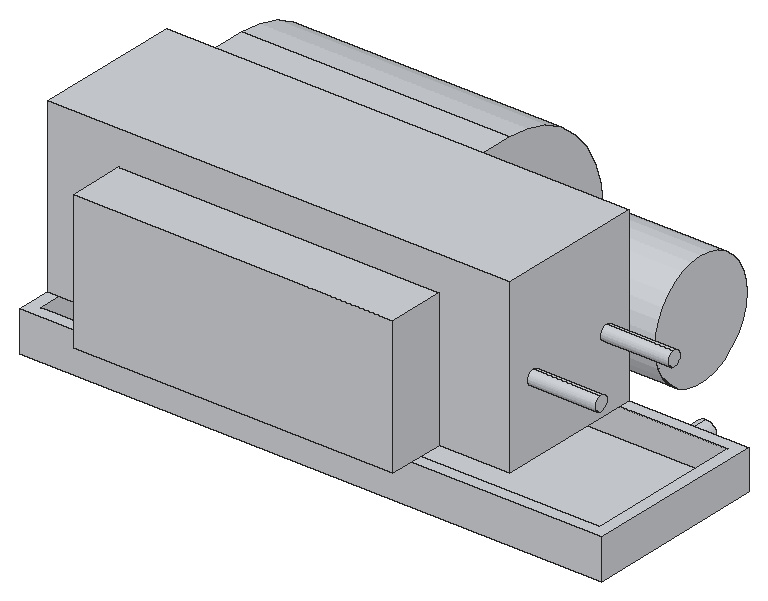
Revit family "8c5de32405d9410481c21845007ce248", category Mechanical Equipment, Revit 2021
Family settings
  Round Connector Dimension = Use Radius
  Part Type = Normal
  OmniClass Number = 23.75.70.17.27
  OmniClass Title = Fan Coil Units
  Seek Item ID = Fan Coil Unit - Horizontal Basic Concealed-0000-USA-ENU
  Work Plane-Based = No
  Always vertical = Yes
  Cut with Voids When Loaded = No
  Shared = No
  Room Calculation Point = No
Parameters (values of type "200 CFM")
  Voltage = 115 V
  Unit Width = 1' - 8 1/4"
  Unit Height = 0' - 7 1/2"
  Unit Depth = 0' - 6 1/2"
  Total Height = 0' - 10 1/2"
  Total Depth = 1' - 5 1/2"
  Supply Air Width = 1' - 2"
  Supply Air Height = 0' - 6"
  Number of Poles = 1
  Motor Width = 0' - 7"
  Model = "02"
  Manufacturer = ""
  Load Classification = Cooling
  HalfMotorWidth = Motor Width / 2  # 0' - 3 1/2"
  Fan Housing Width = Unit Width - Motor Width - 0' 1 1/2" - Additional Fan Width  # 0' - 11 3/4"
  Fan Housing Offset = 0' 0 1/2" + Additional Fan Width  # 0' - 0 1/2"
  Drain Radius = 7/16"
  Drain Flow [instance] = 0 GPM
  Drain Diameter = Drain Radius * 2  # 7/8"
  Description = ""
  Default Elevation = 0' - 0"
  Condensate Width = 2' - 1 1/2"
  Condensate Pan Height = 0' - 1 3/4"
  Condensate Depth = 0' - 8"
  Chilled Water Radius = 5/16"
  Chilled Water Pressure Drop [instance] = 1.90 psi
  Chilled Water Flow [instance] = 1 GPM
  Chilled Water Diameter = Chilled Water Radius * 2  # 5/8"
  C3 Offset 1 = 0' - 4 1/4"
  C2 Offset 1 = 0' - 4 1/4"
  Assembly Code = ""
  Apparent Load = 50 VA
  External Static Pressure [instance] = 0.05 in-wg
  Air Flow [instance] = 200 CFM
  Additional Fan Width = 0' - 0"
  2nd Fan Required = no
  2nd Fan Placement Length = (Unit Width / 2) - Motor Width - 0' 0 1/2"  # 0' - 2 5/8"
Types (7): name | Unit Width | Supply Air Width | Model | Manufacturer | Fan Housing Width | Fan Housing Offset | Description | Condensate Width | Chilled Water Pressure Drop | Chilled Water Flow | C3 Offset 1 | C2 Offset 1 | Apparent Load | Air Flow | Additional Fan Width | 2nd Fan Required | 2nd Fan Placement Length
  200 CFM | 1' - 8 1/4" | 1' - 2" | "02" | "" | 0' - 11 3/4" | 0' - 0 1/2" | "" | 2' - 1 1/2" | 1.90 psi | 1 GPM | 0' - 4 1/4" | 0' - 4 1/4" | 50 VA | 200 CFM | 0' - 0" | no | 0' - 2 5/8"
  300 CFM | 1' - 11 1/4" | 1' - 5" | "03" | "" | 1' - 2 3/4" | 0' - 0 1/2" | "Horizontal Basic Concealed " | 2' - 4 1/2" | 4.30 psi | 2 GPM | 0' - 4 1/4" | 0' - 4 1/4" | 85 VA | 300 CFM | 0' - 0" | no | 0' - 4 1/8"
  400 CFM | 2' - 3 1/4" | 1' - 9" | "04" | "" | 1' - 6 3/4" | 0' - 0 1/2" | "Horizontal Basic Concealed " | 2' - 8 1/2" | 7.50 psi | 3 GPM | 0' - 4 1/4" | 0' - 4 1/4" | 145 VA | 400 CFM | 0' - 0" | no | 0' - 6 1/8"
  600 CFM | 3' - 2 1/4" | 2' - 8" | "06" | "" | 2' - 5 3/4" | 0' - 0 1/2" | "Horizontal Basic Concealed " | 3' - 7 1/2" | 4.00 psi | 4 GPM | 0' - 4 7/8" | 0' - 3 5/8" | 220 VA | 600 CFM | 0' - 0" | no | 0' - 11 5/8"
  800 CFM | 3' - 10 1/4" | 3' - 4" | "08" | "" | 3' - 1 3/4" | 0' - 0 1/2" | "Horizontal Basic Concealed " | 4' - 3 1/2" | 6.60 psi | 5 GPM | 0' - 4 7/8" | 0' - 3 5/8" | 235 VA | 800 CFM | 0' - 0" | no | 1' - 3 5/8"
  1000 CFM | 4' - 8 1/4" | 4' - 2" | "10" | "" | 3' - 4 1/4" | 0' - 8" | "Horizontal Basic Concealed " | 5' - 1 1/2" | 4.00 psi | 6 GPM | 0' - 3 5/8" | 0' - 4 7/8" | 300 VA | 1000 CFM | 0' - 7 1/2" | yes | 1' - 8 5/8"
  1200 CFM | 5' - 6 1/4" | 5' - 0" | "12" | " " | 4' - 2 1/4" | 0' - 8" | "Horizontal Basic Concealed " | 5' - 11 1/2" | 6.00 psi | 8 GPM | 0' - 3 5/8" | 0' - 4 7/8" | 425 VA | 1200 CFM | 0' - 7 1/2" | yes | 2' - 1 5/8"
Reference planes (in)
  plane 1 "Center (Front/Back)": y = 0
  plane 2: z = 0
  plane 3 "Center (Left/Right)": x = 0
  plane 4 "Top of Unit": z = 7.5
  plane 5 "Condensate Pan": z = -1.75
  plane 6: z = -1.25
  plane 7 "Top of Supply Connector": z = 6
  plane 8: x = 2.625
  plane 9: x = 9.625
  plane 10: z = -3
  plane 11: y = 11.75
  plane 12: x = 2.125
  plane 13: x = -9.625
  plane 14: z = 0.99538
  plane 15: y = 7.83318
  plane 16: x = 10.125
  plane 17: x = -10.125
  plane 18: z = 0.99538
  plane 19: y = 7.83318
  plane 20: x = -9.625
  plane 21: x = -2.625
  plane 22: x = 13.125
  plane 23: x = 12.125
  plane 24: y = -2
  plane 25: y = 2
  plane 26: y = 5
  plane 27: z = 3.25
  plane 28: z = 3.25
Forms (in)
  Extrusion 1, solid
    sketch origin (0, 0, 0) x (1, 0, 0) y (0, 1, 0)
      loop
        line (-10.125, 3.25) -> (-10.125, -3.25) -> (10.125, -3.25) -> (10.125, 3.25) -> (-10.125, 3.25)
    from 0 to 7.5
  Extrusion 2, solid
    sketch origin (0, 0, 0) x (1, 0, 0) y (0, 1, 0)
      loop
        line (-10.125, 3.25) -> (-10.125, -4.75) -> (15.375, -4.75) -> (15.375, 3.25) -> (-10.125, 3.25)
    from -1.75 to 0
  Extrusion 3, void
    sketch origin (0, 0, 0) x (1, 0, 0) y (0, 1, 0)
      loop
        line (14.875, -4.25) -> (14.875, 2.75) -> (-9.625, 2.75) -> (-9.625, -4.25) -> (14.875, -4.25)
    from -1.25 to 0
  Extrusion 4, solid
    sketch origin (0, 0, 0) x (1, 0, 0) y (0, 1, 0)
      loop
        line (-7, -3.25) -> (-7, -5.75) -> (7, -5.75) -> (7, -3.25) -> (-7, -3.25)
    from 0 to 6
  Extrusion 5, solid
    sketch origin (0, 0.41779, -1.08625) x (0, 1, 0) y (0, 0, 1)
      loop
        circle (7.41539, 2.08163) r 2.5
    from 9.625 to 2.625
  Extrusion 6, solid
    sketch origin (0, 0, 0) x (0, 1, 0) y (0, 0, 1)
      loop
        arc (3.83318, 0.99538) -> (7.83318, -3.00462) -> (11.83318, 0.99538) r 4
        arc (11.83318, 0.99538) -> (10.31669, 4.53888) -> (6.75, 6) r 5.0838
        line (6.75, 6) -> (3.25, 6) -> (3.25, 0.99538) -> (3.83318, 0.99538)
    from -9.625 to 2.125
  Extrusion 7, solid, visible <- "2nd Fan Required"
    sketch origin (-85.5, 0.41779, -1.08625) x (0, 1, 0) y (0, 0, 1)
      loop
        circle (7.41539, 2.08163) r 2.5
    from 82.875 to 75.875
  Extrusion 8, solid
    sketch origin (10.125, -3.25, 7.5) x (0, 0, -1) y (0, 1, 0)
      loop
        circle (4.25, 1.25) r 0.3125
    from 0 to 3
  Extrusion 9, solid
    sketch origin (10.125, -3.25, 7.5) x (0, 0, -1) y (0, 1, 0)
      loop
        circle (4.25, 5.25) r 0.3125
    from 0 to 3
  Extrusion 10, solid
    sketch origin (15.375, 3.25, 0) x (0, 0, -1) y (-1, 0, 0)
      loop
        circle (1.25, 3.25) r 0.4375
    from 0 to 1.75
Cuts and joins
  Extrusion 3 cuts Extrusion 1
  Extrusion 3 cuts Extrusion 2
Dimensions and locks (in)
  equal spacing: Extrusion 1 sketch curve, plane 3 "Center (Left/Right)", Extrusion 1 sketch curve
  equal spacing: Extrusion 1 sketch curve, plane 1 "Center (Front/Back)", Extrusion 1 sketch curve
  "Unit Width": Extrusion 1 sketch curve to Extrusion 1 sketch curve
  "Unit Depth": Extrusion 1 sketch curve to Extrusion 1 sketch curve
  "Unit Height": plane 4 "Top of Unit" to level
  "Condensate Depth": Extrusion 2 sketch curve to Extrusion 2 sketch curve
  "Condensate Width": Extrusion 2 sketch curve to Extrusion 2 sketch curve
  "Condensate Pan Height": level to plane 5 "Condensate Pan"
  Extrusion 3 sketch curve to cut or joined group of Extrusion 1, Extrusion 3 = 0' - 0 1/2"
  cut or joined group of Extrusion 1, Extrusion 3 to Extrusion 3 sketch curve = 0' - 0 1/2"
  Extrusion 3 sketch curve to cut or joined group of Extrusion 2, Extrusion 3 = 0' - 0 1/2"  (x2)
  plane 6 to plane 5 "Condensate Pan" = 0' - 0 1/2"
  "Supply Air Width": Extrusion 4 sketch curve to Extrusion 4 sketch curve
  Extrusion 4 sketch curve to cut or joined group of Extrusion 2, Extrusion 3 = 0' - 1"
  "Supply Air Height": plane 7 "Top of Supply Connector" to level
  "Motor Width": plane 8 to plane 9
  "Total Depth": plane 11 to Extrusion 4
  "Total Height": plane 10 to plane 4 "Top of Unit"
  "Fan Housing Width": plane 13 to plane 12
  equal spacing: Extrusion 4 sketch curve, plane 3 "Center (Left/Right)", Extrusion 4 sketch curve
  "Fan Housing Offset": plane 17 to plane 13
  "Motor Width": plane 20 to plane 21
  plane 17 to plane 20 = 0' - 0 1/2"
  "2nd Fan Placement Length": plane 21 to plane 3 "Center (Left/Right)"
  locked: plane 16 to plane 22 at 3
  locked: plane 23 to plane 22 at 1
  equal spacing: plane 24, plane 1 "Center (Front/Back)", plane 25
  locked: plane 25 to plane 26 at 3
  "C2 Offset 1": plane 27 to plane 4 "Top of Unit"
  "C3 Offset 1": plane 28 to plane 4 "Top of Unit"
  plane 9 to plane 16 = 0' - 0 1/2"
  plane 12 to plane 8 = 0' - 0 1/2"
  "Chilled Water Radius": radius of Extrusion 8 sketch curve
  "Chilled Water Radius": radius of Extrusion 9 sketch curve
  "Drain Radius": radius of Extrusion 10 sketch curve
  aligned and locked: Extrusion 1 to plane 4 "Top of Unit"
  aligned and locked: Extrusion 2 sketch curve to Extrusion 1  (x2)
  aligned and locked: plane 5 "Condensate Pan" to Extrusion 2
  aligned and locked: level to Extrusion 2
  aligned and locked: plane 6 to Extrusion 3
  aligned and locked: level to Extrusion 3
  aligned and locked: cut or joined group of Extrusion 1, Extrusion 3 to Extrusion 4 sketch curve
  aligned and locked: Extrusion 4 to plane 7 "Top of Supply Connector"
  aligned and locked: Extrusion 5 to plane 8
  aligned and locked: Extrusion 6 to plane 12
  aligned and locked: plane 13 to Extrusion 6
  aligned and locked: plane 14 to Extrusion 6
  aligned and locked: Extrusion 5 to plane 9
  aligned and locked: cut or joined group of Extrusion 1, Extrusion 3 to plane 16
  aligned and locked: plane 17 to cut or joined group of Extrusion 1, Extrusion 3
  aligned and locked: plane 20 to Extrusion 7
  aligned and locked: Extrusion 7 to plane 21
  aligned and locked: plane 28 to Extrusion 8 sketch curve
  aligned and locked: plane 24 to Extrusion 8 sketch curve
  aligned and locked: plane 25 to Extrusion 9 sketch curve
  aligned and locked: plane 27 to Extrusion 9 sketch curve
  aligned and locked: plane 23 to Extrusion 10 sketch curve
  aligned and locked: plane 6 to Extrusion 10 sketch curve
  aligned and locked: Extrusion 9 to plane 16
  aligned and locked: Extrusion 8 to plane 16
  aligned and locked: plane 22 to Extrusion 9
  aligned and locked: plane 22 to Extrusion 8
  aligned and locked: Extrusion 10 to cut or joined group of Extrusion 2, Extrusion 3
  aligned and locked: plane 26 to Extrusion 10
Automatic sketch dimensions
  Extrusion 6 sketch curve to plane 7 "Top of Supply Connector" = 0' - 0"
  level to Extrusion 6 sketch curve = 0' - 0.99538"
  Extrusion 6 sketch curve to Extrusion 6 sketch curve = 0' - 0.58318"
  Extrusion 6 sketch curve to Extrusion 6 sketch curve = 0' - 2.91682"
  Extrusion 6 sketch curve to Extrusion 6 sketch curve = 0' - 1.08318"
  Extrusion 6 sketch curve to plane 1 "Center (Front/Back)" = 0' - 3 1/4"
  Extrusion 5 sketch curve to plane 15 = 0' - 0"
  Extrusion 5 sketch curve to plane 14 = 0' - 0"
  Extrusion 7 sketch curve to plane 18 = 0' - 0"
  Extrusion 7 sketch curve to plane 19 = 0' - 0"
  radius of Extrusion 5 sketch curve = 0' - 2 1/2"
  radius of Extrusion 7 sketch curve = 0' - 2 1/2"
Connectors (in)
  hvac at (0, -5.75, 3), driven by "Supply Air Height", driven by "Supply Air Width", driven by "External Static Pressure", driven by "Air Flow"
    settings: on Extrusion 4, index 0, duct flow 200 CFM, flow factor 0, pres drop 0.05 in-wg, loss coef 0, conn angle 0.00°, conn width 14", conn height 6", conn diameter 24", duct sys type 1, conn prof type 1, flow config 0, flow direction 2, loss method 4, conn ref index -1, conn util no, is conn primary yes, conn desc ""
  piping at (13.125, -2, 3.25), diameter 0.625, driven by "Chilled Water Flow", driven by "Chilled Water Radius"
    settings: on Extrusion 8, index 1, connector inside diameter 5/8", connector length 0' - 0", flow factor 0, pipe flow 1 GPM, pressure drop 0.00 psi, fitting loss kfactor 0, connector angle 0.00°, fixture units 0, engagement length 0' - 0", angle of deflection 0.00°, flow configuration 1, flow direction 1, fitting loss method 4, system type 7, joint type 0, gender type 0, connector reference index 2, connector utility 0, adjustable connector no, is connector primary yes, connector description ""
  piping at (13.125, 2, 3.25), diameter 0.625, driven by "Chilled Water Radius", driven by "Chilled Water Flow", driven by "Chilled Water Pressure Drop"
    settings: on Extrusion 9, index 2, connector inside diameter 5/8", connector length 0' - 0", flow factor 0, pipe flow 1 GPM, pressure drop 1.90 psi, fitting loss kfactor 0, connector angle 0.00°, fixture units 0, engagement length 0' - 0", angle of deflection 0.00°, flow configuration 1, flow direction 2, fitting loss method 4, system type 8, joint type 0, gender type 0, connector reference index 1, connector utility 0, adjustable connector no, is connector primary no, connector description ""
  piping at (12.125, 5, -1.25), diameter 0.875, driven by "Drain Flow", driven by "Drain Radius"
    settings: on Extrusion 10, index 3, connector inside diameter 7/8", connector length 0' - 0", flow factor 0, pipe flow 0 GPM, pressure drop 0.00 psi, fitting loss kfactor 0, connector angle 0.00°, fixture units 0, engagement length 0' - 0", angle of deflection 0.00°, flow configuration 1, flow direction 2, fitting loss method 0, system type 16, joint type 0, gender type 0, connector reference index -1, connector utility 0, adjustable connector yes, is connector primary no, connector description ""
  electrical at (-10.125, 0, 3.75), driven by "Apparent Load", driven by "Voltage", driven by "Number of Poles", driven by "Load Classification"
    settings: on cut or joined group of Extrusion 1, Extrusion 3, index 4, voltage 115 V, apparent load 50 VA, apparent load phase1 0 VA, apparent load phase2 0 VA, apparent load phase3 0 VA, power factor 0.8, load classification "Cooling", number of poles 1, system type 30, power factor state 1, is connector primary yes, connector utility no, sub classification motor no, connector description ""
